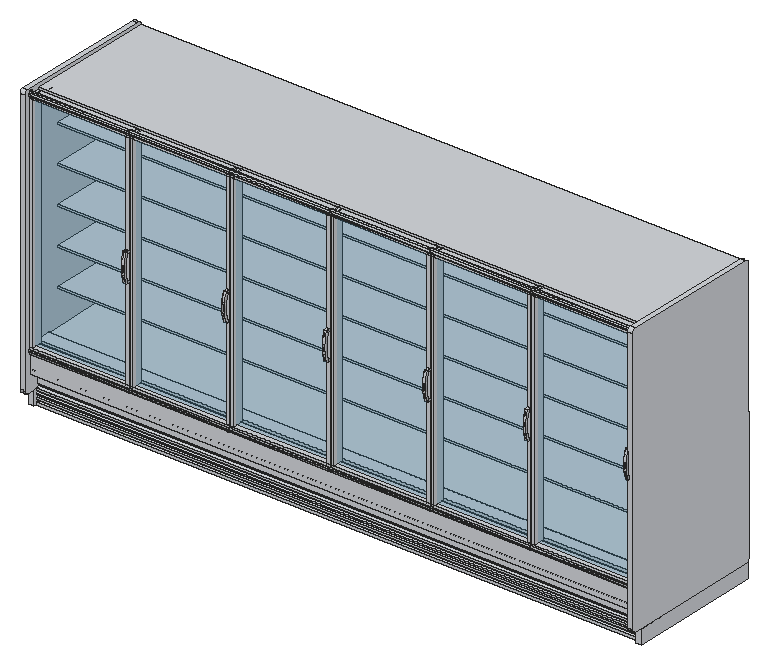
Revit family (continued)
Definition of nested family "ORZH_DOOR"
  Dimensions and locks (in)
    plane 10 to plane 8 to plane 3 "CASE RIGHT" = 1/2", 8 11/16"
    "WIDTH": plane 7 "FRONT" to plane 4 "CASE BACK"
    locked: plane 11 to plane 3 "CASE RIGHT" at 4
    plane 13 to plane 11 to plane 14 = 1/2", 1/2"
    plane 7 "FRONT" to plane 4 "CASE BACK" = 42 9/16"
    "WIDTH": plane 4 "CASE BACK" to plane 7 "FRONT"
    "BASE HEIGHT": plane 16 to level
    "DOOR LENGTH": plane 2 "LEFT" to plane 17
    locked: Sweep 3 sketch curve to Sweep 3 sketch curve at 0.69923
    locked: plane 17 to Sweep 3 sketch curve at 0.86554
    locked: Sweep 6 sketch curve to Sweep 6 sketch curve at 0.69923
    locked: Extrusion 1 to plane 17 at 1.0625
    radius of Sweep 3 sketch curve = 0.17728"  (x2)
    radius of Sweep 6 sketch curve = 0.17728"  (x2)
    aligned and locked: plane 17 to Extrusion 2
    aligned and locked: plane 17 to Extrusion 4
    aligned: Extrusion 1 to Extrusion 5
  Automatic sketch dimensions
    Extrusion 1 sketch curve to plane 7 "FRONT" = 2.031"
    Extrusion 1 sketch curve to Extrusion 1 sketch curve = 1 1/2"
    plane 15 to Extrusion 1 sketch curve = 2.33884"
    Extrusion 1 sketch curve to plane 18 = 2.15685"
    Sweep 3 sketch curve to plane 7 "FRONT" = 0.06247"  (x2)
    Sweep 3 sketch curve to Sweep 3 sketch curve = 1"  (x2)
    plane 6 "CENTER(FRONT/BACK)" to Sweep 3 sketch curve = 8.10104"
    Sweep 3 sketch curve to plane 18 = 32.47015"
    Sweep 3 sketch curve to Sweep 3 sketch curve = 4"
    profile plane to Sweep 3 sketch curve = 0.17289"
    profile plane to Sweep 3 sketch curve = 0.0004"  (x2)
    Sweep 3 sketch curve to profile plane = 0.17209"
    Extrusion 4 sketch curve to plane 7 "FRONT" = 1.06247"  (x2)
    Extrusion 4 sketch curve to plane 18 = 0.94265"
    Extrusion 4 sketch curve to Extrusion 4 sketch curve = 3.05344"
    plane 15 to Extrusion 4 sketch curve = 1.307"
    Extrusion 4 sketch curve to Extrusion 4 sketch curve = 3.00119"
    Extrusion 4 sketch curve to Extrusion 4 sketch curve = 0.91115"
    Extrusion 4 sketch curve to Extrusion 4 sketch curve = 1.09315"
    Sweep 6 sketch curve to plane 7 "FRONT" = 0.06247"  (x2)
    Sweep 6 sketch curve to Sweep 6 sketch curve = 1"  (x2)
    plane 6 "CENTER(FRONT/BACK)" to Sweep 6 sketch curve = 8.10104"
    plane 15 to Sweep 6 sketch curve = 30.27985"
    Sweep 6 sketch curve to Sweep 6 sketch curve = 4"
    profile plane to Sweep 6 sketch curve = 0.17209"
    Sweep 6 sketch curve to profile plane = 0.0004"  (x2)
    profile plane to Sweep 6 sketch curve = 0.12539"
    Sweep 6 sketch curve to profile plane = 0.17289"
    Extrusion 5 sketch curve to plane 2 "LEFT" = 0"
    Extrusion 5 sketch curve to plane 17 = 0"
    plane 2 "LEFT" to Extrusion 5 sketch curve = 1 1/16"
    Extrusion 5 sketch curve to Extrusion 5 sketch curve = 1 1/16"
    Extrusion 5 sketch curve to plane 7 "FRONT" = 1.06247"  (x2)
    Extrusion 5 sketch curve to Extrusion 5 sketch curve = 3.05222"  (x2)
    Extrusion 2 sketch curve to plane 7 "FRONT" = 0.64028"  (x2)
    Extrusion 2 sketch curve to Extrusion 2 sketch curve = 0.0902"  (x2)
    Extrusion 2 sketch curve to Extrusion 2 sketch curve = 0.07536"  (x2)
    Extrusion 2 sketch curve to Extrusion 2 sketch curve = 0.08507"
    Extrusion 2 sketch curve to Extrusion 2 sketch curve = 0.01983"
    Extrusion 2 sketch curve to Extrusion 2 sketch curve = 0.1049"
    Extrusion 2 sketch curve to Extrusion 2 sketch curve = 0.0745"  (x2)
    Extrusion 2 sketch curve to Extrusion 2 sketch curve = 0.22709"  (x2)
    Extrusion 2 sketch curve to plane 18 = 0.05315"
    Extrusion 2 sketch curve to Extrusion 2 sketch curve = 0.19015"
    plane 15 to Extrusion 2 sketch curve = 0.41554"
    Extrusion 2 sketch curve to Extrusion 2 sketch curve = 0.19138"
    plane 15 to Extrusion 2 sketch curve = 0.46515"
    Extrusion 2 sketch curve to Extrusion 2 sketch curve = 0.06277"
    Extrusion 2 sketch curve to plane 18 = 0.10115"
    Extrusion 2 sketch curve to Extrusion 2 sketch curve = 0.064"
    plane 18 to Extrusion 2 sketch curve = 0.00126"
    Extrusion 2 sketch curve to Extrusion 2 sketch curve = 0.07522"
    plane 15 to Extrusion 2 sketch curve = 0.36273"
    Extrusion 2 sketch curve to Extrusion 2 sketch curve = 0.074"
    Extrusion 2 sketch curve to plane 18 = 0.07411"
    Extrusion 2 sketch curve to Extrusion 2 sketch curve = 0.03798"
    plane 15 to Extrusion 2 sketch curve = 0.43791"
    Extrusion 2 sketch curve to Extrusion 2 sketch curve = 0.03858"
    Extrusion 2 sketch curve to Extrusion 2 sketch curve = 0.07247"
    Extrusion 2 sketch curve to Extrusion 2 sketch curve = 0.00075"  (x2)
    plane 18 to Extrusion 2 sketch curve = 0.00475"
    Extrusion 2 sketch curve to Extrusion 2 sketch curve = 0.09278"
    Extrusion 2 sketch curve to Extrusion 2 sketch curve = 0.0009"  (x2)
    plane 15 to Extrusion 2 sketch curve = 1.307"
    Extrusion 2 sketch curve to Extrusion 2 sketch curve = 0.00272"
    Extrusion 2 sketch curve to Extrusion 2 sketch curve = 0.03849"
    Extrusion 2 sketch curve to Extrusion 2 sketch curve = 0.45126"
    Extrusion 2 sketch curve to Extrusion 2 sketch curve = 0.02955"  (x2)
    Extrusion 2 sketch curve to Extrusion 2 sketch curve = 0.0335"  (x2)
    Extrusion 2 sketch curve to Extrusion 2 sketch curve = 0.09336"
    Extrusion 2 sketch curve to Extrusion 2 sketch curve = 1.11935"
    Extrusion 2 sketch curve to Extrusion 2 sketch curve = 0.2"
    Extrusion 2 sketch curve to Extrusion 2 sketch curve = 0.42171"
    Extrusion 2 sketch curve to Extrusion 2 sketch curve = 0.00188"
Definition of nested family "Junction Boxes - Load"
  Parameters (values of type "4" Square 208 - 2")
    Width = 4"
    Voltage = 120 V
    Power Factor [instance] = 1
    Number of Poles = 2
    Load Classification = Power
    Load [instance] = 500 VA
    Height = 4"
    Depth = 2 1/8"
    Assembly Code = ""
  Reference planes (in)
    plane 1 "Center (Front/Back)": y = 0
    plane 2: z = 0
    plane 3 "Center (Left/Right)": x = 0
    plane 4: y = 2
    plane 5: y = -2
    plane 6: x = -2
    plane 7: x = 2
    plane 8: z = 2.125
  Forms (in)
    Extrusion 1, solid
      sketch origin (0, 0, 0) x (1, 0, 0) y (0, 1, 0)
        loop
          line (-2, 2) -> (-2, -2) -> (2, -2) -> (2, 2) -> (-2, 2)
      from 0 to 2.125
  Lines and regions (in)
    symbolic lines, detail levels fine
      curve 1: line (-2, 2, 0) -> (2, 2, 0)
      curve 2: line (-2, -2, 0) -> (-2, 2, 0)
      curve 3: line (2, -2, 0) -> (-2, -2, 0)
      curve 4: line (2, 2, 0) -> (2, -2, 0)
  Dimensions and locks (in)
    equal spacing: plane 6, plane 3 "Center (Left/Right)", plane 7
    equal spacing: plane 4, plane 1 "Center (Front/Back)", plane 5
    "Height": plane 6 to plane 7
    "Width": plane 4 to plane 5
    "Depth": level to plane 8
    aligned and locked: plane 6 to Extrusion 1 sketch curve
    aligned and locked: Extrusion 1 sketch curve to plane 4
    aligned and locked: plane 5 to Extrusion 1 sketch curve
    aligned and locked: plane 7 to Extrusion 1 sketch curve
    aligned and locked: plane 8 to Extrusion 1
    aligned and locked: plane 1 "Center (Front/Back)" to nested 1
    aligned and locked: plane 3 "Center (Left/Right)" to nested 1
  Automatic sketch dimensions
    curve 3 to plane 5 = 0"
    curve 3 to plane 6 = 0"
    curve 3 to plane 7 = 0"
    curve 2 to plane 4 = 0"
  Nested families (in)
    nested 1: "Junction Boxes Annotation" at (0, 0, 0), type "Junction Boxes Annotation", detail levels coarse+medium
  Connectors (in)
    electrical at (0, 0, 2.125), driven by "Power Factor", driven by "Load", driven by "Voltage", driven by "Load", driven by "Number of Poles", driven by "Load Classification"
      settings: on Extrusion 1, index 1, voltage 120 V, apparent load 500 VA, apparent load phase1 500 VA, apparent load phase2 0 VA, apparent load phase3 0 VA, power factor 1, load classification "Power", number of poles 2, system type 30, power factor state 1, is connector primary yes, connector utility no, sub classification motor no, connector description ""
  Definition of nested family "Junction Boxes Annotation"
    Parameters
      Label = "J"
    Reference planes (in)
      plane 1: y = 0
      plane 2: x = 0
    Lines and regions (in)
      detail lines
        curve 1: circle (0, 0, 0) r 0.09375 normal (0, 0, 1)
    Text (in)
      label "J" at (-0.02653, -0.0091, 0), shows "Label"
    Dimensions and locks (in)
      aligned and locked: plane 1 to curve 1
      aligned and locked: plane 2 to curve 1
Types (5): name | SHELVE 5 | SHELVE 4 | REF PIPE LENGTH | REF PLANE LEFT RIGHT | Model | LENGTH FOR BTU | LENGTH | LEGEND NUMBER | DRAIN PIPE LENGTH | DOOR 6 | DOOR 5 | DOOR 4 | DOOR 3 | SHELVE 2 | SHELVE 3
  ORZH-4 DOOR | no | no | 28 5/8" | 60" | "ORZH-4 DOOR" | 10 | 120" | "ORZH-4 DOOR" | 0" | no | no | yes | yes | yes | yes
  ORZH-3 DOOR | no | no | 28 5/8" | 45" | "ORZH-3 DOOR" | 8 | 90" | "ORZH-3 DOOR" | 0" | no | no | no | yes | yes | no
  ORZH-2 DOOR | no | no | 22 9/16" | 30" | "ORZH-2 DOOR" | 5 | 60" | "ORZH-2 DOOR" | 12" | no | no | no | no | no | no
  ORZH-5 DOOR | no | yes | 28 5/8" | 75" | "ORZH-5 DOOR" | 13 | 150" | "ORZH-5 DOOR" | 0" | no | yes | yes | yes | yes | yes
  ORZH-6 DOOR | yes | yes | 28 5/8" | 90" | "ORZH-6 DOOR" | 15 | 180" | "ORZH-6 DOOR" | 0" | yes | yes | yes | yes | yes | yes
